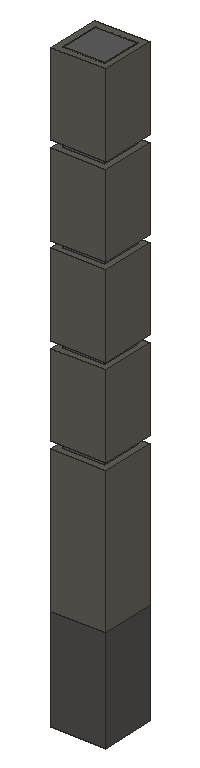
Revit family "화강석기둥", category 기둥, Revit 2026
Family settings
  로드될 때 보이드를 사용하여 절단 = 아니오
  자동으로 형상을 벽에 결합합니다 = 예
  공유 = 아니오
  평면도에서 미리 절단된 패밀리 표시 = 예
Parameters (values of type "300 x 300 mm")
  Width = 300 mm
  Column Material = 기둥
Reference planes
  plane 1 "Center (Front/Back)": y = 0
  plane 2: z = 0
  plane 3 "Center (Left/Right)": x = 0
  plane 4 "Left": x = -150
  plane 5 "Right": x = 150
  plane 6 "Back": y = 150
  plane 7 "Front": y = -150
Forms (mm)
  Extrusion 1, solid, material "기둥" <- "Column Material"
    sketch origin (0, 0, 0) x (1, 0, 0) y (0, 1, 0)
      loop
        line (-150, 150) -> (-150, -150) -> (150, -150) -> (150, 150) -> (-150, 150)
    from 0 to 4400
  Extrusion 2, solid, material "화강석 4"
    sketch origin (0, 0, 0) x (1, 0, 0) y (0, 1, 0)
      loop
        line (-150, 150) -> (-150, -150) -> (150, -150) -> (150, 150) -> (-150, 150)
      loop
        line (-200, 200) -> (-200, -200) -> (200, -200) -> (200, 200) -> (-200, 200)
    from 0 to 745
  Extrusion 3, solid, material "화강석3"
    sketch origin (0, 0, 0) x (1, 0, 0) y (0, 1, 0)
      loop
        line (-150, 150) -> (-150, -150) -> (150, -150) -> (150, 150) -> (-150, 150)
      loop
        line (-200, 200) -> (-200, -200) -> (200, -200) -> (200, 200) -> (-200, 200)
    from 1850 to 2450
  Extrusion 4, solid, material "화강석3"
    sketch origin (0, 0, 0) x (1, 0, 0) y (0, 1, 0)
      loop
        line (-150, 150) -> (-150, -150) -> (150, -150) -> (150, 150) -> (-150, 150)
      loop
        line (-200, 200) -> (-200, -200) -> (200, -200) -> (200, 200) -> (-200, 200)
    from 2500 to 3100
  Extrusion 5, solid, material "화강석3"
    sketch origin (0, 0, 0) x (1, 0, 0) y (0, 1, 0)
      loop
        line (-150, 150) -> (-150, -150) -> (150, -150) -> (150, 150) -> (-150, 150)
      loop
        line (-200, 200) -> (-200, -200) -> (200, -200) -> (200, 200) -> (-200, 200)
    from 3150 to 3750
  Extrusion 6, solid, material "화강석3"
    sketch origin (0, 0, 0) x (1, 0, 0) y (0, 1, 0)
      loop
        line (-150, 150) -> (-150, -150) -> (150, -150) -> (150, 150) -> (-150, 150)
      loop
        line (-200, 200) -> (-200, -200) -> (200, -200) -> (200, 200) -> (-200, 200)
    from 3800 to 4400
  Extrusion 7, solid, material "화강석3"
    sketch origin (0, 0, 0) x (1, 0, 0) y (0, 1, 0)
      loop
        line (-150, 150) -> (-150, -150) -> (150, -150) -> (150, 150) -> (-150, 150)
      loop
        line (-200, 200) -> (-200, -200) -> (200, -200) -> (200, 200) -> (-200, 200)
    from 745 to 1800
Lines and regions (mm)
  Masking region 1
    outline origin (0, 0, 0) x (1, 0, 0) y (0, 1, 0)
      loop
        line (-150, 150) -> (-150, -150) -> (150, -150) -> (150, 150) -> (-150, 150)
  symbolic lines
    curve 1: line (-150, 150, 0) -> (150, 150, 0)
    curve 2: line (-150, -150, 0) -> (-150, 150, 0)
    curve 3: line (150, -150, 0) -> (-150, -150, 0)
    curve 4: line (150, 150, 0) -> (150, -150, 0)
Dimensions and locks
  equal spacing: plane 4 "Left", plane 3 "Center (Left/Right)", plane 5 "Right"
  equal spacing: plane 7 "Front", plane 1 "Center (Front/Back)", plane 6 "Back"
  "Width": plane 4 "Left" to plane 5 "Right"
  "Width": plane 7 "Front" to plane 6 "Back"
  aligned and locked: plane 4 "Left" to Extrusion 1 sketch curve
  aligned and locked: plane 6 "Back" to Extrusion 1 sketch curve
  aligned and locked: plane 7 "Front" to Extrusion 1 sketch curve
  aligned and locked: plane 5 "Right" to Extrusion 1 sketch curve
  aligned and locked: curve 1 to Extrusion 1  (x2)
  aligned and locked: Extrusion 1 to curve 4
  aligned and locked: curve 4 to Extrusion 1
  aligned and locked: Masking region 1 sketch curve to Extrusion 1  (x3)
  aligned and locked: Extrusion 1 to Masking region 1 sketch curve
Automatic sketch dimensions
  Extrusion 2 sketch curve to plane 4 "Left" = 0 mm
  Extrusion 2 sketch curve to plane 5 "Right" = 0 mm
  Extrusion 2 sketch curve to plane 7 "Front" = 0 mm
  Extrusion 2 sketch curve to plane 6 "Back" = 0 mm
  plane 4 "Left" to Extrusion 2 sketch curve = 50 mm
  Extrusion 2 sketch curve to plane 5 "Right" = 50 mm
  plane 7 "Front" to Extrusion 2 sketch curve = 50 mm
  Extrusion 2 sketch curve to plane 6 "Back" = 50 mm
  Extrusion 3 sketch curve to plane 4 "Left" = 0 mm
  Extrusion 3 sketch curve to plane 5 "Right" = 0 mm
  Extrusion 3 sketch curve to plane 7 "Front" = 0 mm
  Extrusion 3 sketch curve to plane 6 "Back" = 0 mm
  plane 4 "Left" to Extrusion 3 sketch curve = 50 mm
  Extrusion 3 sketch curve to plane 5 "Right" = 50 mm
  plane 7 "Front" to Extrusion 3 sketch curve = 50 mm
  Extrusion 3 sketch curve to plane 6 "Back" = 50 mm
  Extrusion 4 sketch curve to plane 4 "Left" = 0 mm
  Extrusion 4 sketch curve to plane 5 "Right" = 0 mm
  Extrusion 4 sketch curve to plane 7 "Front" = 0 mm
  Extrusion 4 sketch curve to plane 6 "Back" = 0 mm
  plane 4 "Left" to Extrusion 4 sketch curve = 50 mm
  Extrusion 4 sketch curve to plane 5 "Right" = 50 mm
  plane 7 "Front" to Extrusion 4 sketch curve = 50 mm
  Extrusion 4 sketch curve to plane 6 "Back" = 50 mm
  Extrusion 5 sketch curve to plane 4 "Left" = 0 mm
  Extrusion 5 sketch curve to plane 5 "Right" = 0 mm
  Extrusion 5 sketch curve to plane 7 "Front" = 0 mm
  Extrusion 5 sketch curve to plane 6 "Back" = 0 mm
  plane 4 "Left" to Extrusion 5 sketch curve = 50 mm
  Extrusion 5 sketch curve to plane 5 "Right" = 50 mm
  plane 7 "Front" to Extrusion 5 sketch curve = 50 mm
  Extrusion 5 sketch curve to plane 6 "Back" = 50 mm
  Extrusion 6 sketch curve to plane 4 "Left" = 0 mm
  Extrusion 6 sketch curve to plane 5 "Right" = 0 mm
  Extrusion 6 sketch curve to plane 7 "Front" = 0 mm
  Extrusion 6 sketch curve to plane 6 "Back" = 0 mm
  plane 4 "Left" to Extrusion 6 sketch curve = 50 mm
  Extrusion 6 sketch curve to plane 5 "Right" = 50 mm
  plane 7 "Front" to Extrusion 6 sketch curve = 50 mm
  Extrusion 6 sketch curve to plane 6 "Back" = 50 mm
  Extrusion 7 sketch curve to plane 7 "Front" = 0 mm
  Extrusion 7 sketch curve to plane 6 "Back" = 0 mm
  Extrusion 7 sketch curve to plane 6 "Back" = 50 mm
  plane 4 "Left" to Extrusion 7 sketch curve = 50 mm
  Extrusion 7 sketch curve to Extrusion 7 sketch curve = 50 mm  (x2)
  Extrusion 7 sketch curve to plane 4 "Left" = 300 mm
  plane 7 "Front" to Extrusion 7 sketch curve = 50 mm
